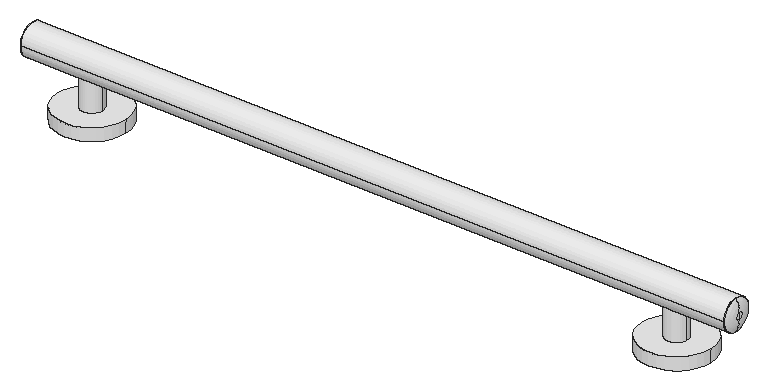
Revit family "Grab-Bar_Contemporary_Soiree_YG96024_TOTO", category Furniture, host Face, Revit 2013
Parameters (values of type "YG97024")
  ecoScorecard_data = " "
  ecoScorecard Product Page = "  "
  Width = 2' - 5.12598"  # constant formula
  Warranty URL = "http://www.totousa.com/warranty-registration"
  Warranty = "Lifetime Limited Warranty (Residential Use), One Year Limited (Commercial Use)"  # constant formula
  URL = "http://www.totousa.com"
  Toto Version = "V.02"  # constant formula
  Toto BIM Number = "BM-00140"  # constant formula
  Subcategory = "Accessories"  # constant formula
  Style = "Contemporary"  # constant formula
  Spec Sheet URL = "http://assets.totousa.com/product-files/SS-00004_YG96024_YG96042_YG97024_YG97042.pdf"
  Shipping Weight = 4.70 lbf
  Series = "Soiree"  # constant formula
  Product Page URL = " "
  Owners Manual URL = "  "
  Model = "YG96024"  # constant formula
  Manufacturer Toll Free Phone = "1-888-295-8134"  # constant formula
  Manufacturer Phone = "(770) 282-8686 "  # constant formula
  Manufacturer Fax = "(770) 282-0002"  # constant formula
  Manufacturer Email = "mailto:custservice@totousa.com "
  Manufacturer Address = "1155 Southern Road, Morrow, Georgia 30260"  # constant formula
  Manufacturer = "TOTO USA, Inc."  # constant formula
  Height = 0' - 2.81102"  # constant formula
  Finish = Metal - TOTO - Chrome - Polished
  Description = "Grab Bar"  # constant formula
  Depth = 0' - 2 3/4"  # constant formula
  Default Elevation = 3' - 0"
  Cost Info = "mailto:custservice@totousa.com "
  Color Availability = "#CP  Polished Chrome"  # constant formula
  CAD Drawing URL = "http://assets.totousa.com/product-files/AD-00096_YG96024.dxf"
  Assembly Code = "C1030200"
  ADA Compliant = yes
  95 CSI = "10800"  # constant formula
  04 CSI = "10 28 00"  # constant formula
Reference planes (in)
  plane 1 "Center (Front/Back)": y = 0
  plane 2: z = 0
  plane 3 "Center (Left/Right)": x = 0
  plane 4: x = -14.56299
  plane 5: x = 14.56299
  plane 6: y = 0.43622
  plane 7: y = -0.43622
  plane 8: z = 0.5
  plane 9: x = -14.44173
  plane 10: x = 14.44173
  plane 11: x = -12
  plane 12: x = 12
  plane 13: x = 12.43622
  plane 14: x = 11.56378
  plane 15: x = -11.56378
  plane 16: x = -12.43622
  plane 17: x = -13.40551
  plane 18: x = -10.59449
  plane 19: y = 1.40551
  plane 20: y = -1.40551
  plane 21: x = 10.59449
  plane 22: x = 13.40551
  plane 23: z = 1.5
  plane 24: z = 2.75
  plane 25: z = 2.12598
Forms (in)
  Extrusion 1, solid, material "Metal - TOTO - Chrome - Polished" <- "Finish"
    sketch origin (-0.0008, 0, 0) x (1, 0, 0) y (0, 1, 0)
      loop
        circle (-11.9992, 0) r 1.40551
      loop
        circle (12.0008, 0) r 1.40551
    from 0 to 0.5
  Extrusion 2, solid, material "Metal - TOTO - Chrome - Polished" <- "Finish"
    sketch origin (0, 0, 0) x (1, 0, 0) y (0, 1, 0)
      loop
        circle (-12, 0) r 0.43622
      loop
        circle (12, 0) r 0.43622
    from 0.5 to 2.12598
  Extrusion 3, solid, material "Metal - TOTO - Chrome - Polished" <- "Finish"
    sketch origin (-11.13127, -0.32755, 0) x (0, 1, 0) y (0, 0, 1)
      loop
        circle (0.32755, 2.12598) r 0.62598
    from -3.31046 to 25.57301
  Revolve 4, solid, material "Metal - TOTO - Chrome - Polished" <- "Finish"
    sketch origin (0, 0, 92.27586) x (0, 0, 1) y (1, 0, 0)
      loop
        line (-90.14987, -14.56299) -> (-90.14987, -14.44173) -> (-90.77586, -14.44173)
        arc (-90.77586, -14.44173) -> (-90.53284, -14.53224) -> (-90.27534, -14.56299) r 1.09362
        line (-90.27534, -14.56299) -> (-90.14987, -14.56299)
      loop
        line (-90.14987, 14.56299) -> (-90.27534, 14.56299)
        arc (-90.27534, 14.56299) -> (-90.53284, 14.53224) -> (-90.77586, 14.44173) r 1.09362
        line (-90.77586, 14.44173) -> (-90.14987, 14.44173) -> (-90.14987, 14.56299)
      axis (-90.14987, 14.56299) -> (-90.14987, -14.56299)
    angle from 0 to 360
Cuts and joins
  joined: Extrusion 2, Extrusion 3
Lines and regions (in)
  Masking region 1
    outline origin (0, -0.32813, 92.27586) x (0, 0, 1) y (1, 0, 0)
      loop
        line (-89.52586, -14.44173) -> (-89.52586, 14.44173)
        arc (-89.52586, 14.44173) -> (-89.75991, 14.53221) -> (-90.00895, 14.56299) r 1.02295
        line (-90.00895, 14.56299) -> (-90.14987, 14.56299) -> (-90.29079, 14.56299)
        arc (-90.29079, 14.56299) -> (-90.54079, 14.53222) -> (-90.77586, 14.44173) r 1.03081
        line (-90.77586, 14.44173) -> (-90.77586, 12.43622) -> (-91.77586, 12.43622) -> (-91.77586, 13.40551) -> (-92.27586, 13.40551) -> (-92.27586, 10.59449) -> (-91.77586, 10.59449) -> (-91.77586, 11.56378) -> (-90.77586, 11.56378) -> (-90.77586, -11.56378) -> (-91.77586, -11.56378) -> (-91.77586, -10.59449) -> (-92.27586, -10.59449) -> (-92.27586, -13.40551) -> (-91.77586, -13.40551) -> (-91.77586, -12.43622) -> (-90.77586, -12.43622) -> (-90.77586, -14.44173)
        arc (-90.77586, -14.44173) -> (-90.54079, -14.53222) -> (-90.29079, -14.56299) r 1.03081
        line (-90.29079, -14.56299) -> (-90.14987, -14.56299) -> (-90.00895, -14.56299)
        arc (-90.00895, -14.56299) -> (-89.75991, -14.53221) -> (-89.52586, -14.44173) r 1.02295
  symbolic lines, detail levels medium+fine
    curve 1: line (-14.44173, -0.32813, 2.75) -> (-14.44173, -0.32813, 1.5)
    curve 2: line (14.44173, -0.32813, 2.75) -> (14.44173, -0.32813, 1.5)
  symbolic lines, detail levels fine
    curve 3: line (11.56378, -0.32813, 0.5) -> (12.43622, -0.32813, 0.5)
    curve 5: line (-12.43622, -0.32813, 0.5) -> (-11.56378, -0.32813, 0.5)
  symbolic lines
    curve 4: arc (11.56378, -0.32813, 1.49606) -> (12, -0.32813, 1.66391) -> (12.43622, -0.32813, 1.49606) r 0.65078
    curve 6: arc (-12.43622, -0.32813, 1.49606) -> (-12, -0.32813, 1.66551) -> (-11.56378, -0.32813, 1.49606) r 0.64622
Dimensions and locks (in)
  "Width": plane 5 to plane 4
  equal spacing: plane 5, plane 3 "Center (Left/Right)", plane 4
  locked: plane 6 to plane 7 at 0.87244
  equal spacing: plane 6, plane 1 "Center (Front/Back)", plane 7
  plane 4 to plane 5 = 2' - 5.12598"
  locked: plane 1 "Center (Front/Back)" to Extrusion 3 sketch curve at 0
  locked: Revolve 4 sketch curve to plane 4 at 0
  locked: Revolve 4 sketch curve to Revolve 4 sketch curve at 0.12546  (x2)
  locked: plane 10 to Revolve 4 sketch curve at 0.18005
  locked: Revolve 4 sketch curve to Revolve 4 sketch curve at 0.2853
  equal spacing: plane 10, plane 3 "Center (Left/Right)", plane 9  (x2)
  locked: plane 11 to plane 12 at 24
  equal spacing: plane 11, plane 3 "Center (Left/Right)", plane 12
  locked: plane 11 to Extrusion 1 sketch curve at 0
  locked: plane 1 "Center (Front/Back)" to Extrusion 1 sketch curve at 0  (x2)
  locked: plane 11 to Extrusion 2 sketch curve at 0
  locked: plane 1 "Center (Front/Back)" to Extrusion 2 sketch curve at 0  (x2)
  locked: plane 12 to Extrusion 2 sketch curve at 0
  locked: plane 12 to Extrusion 1 sketch curve at 0
  "Height": plane 19 to plane 20
  equal spacing: plane 19, plane 1 "Center (Front/Back)", plane 20
  locked: plane 10 to plane 9 at 28.88346
  "Height": plane 17 to plane 18
  equal spacing: plane 17, plane 11, plane 18
  locked: plane 16 to plane 15 at 0.87244
  equal spacing: plane 16, plane 11, plane 15
  equal spacing: plane 21, plane 12, plane 22
  "Height": plane 21 to plane 22
  locked: plane 14 to plane 13 at 0.87244
  equal spacing: plane 14, plane 12, plane 13
  locked: Revolve 4 sketch curve to Revolve 4 sketch curve at 0
  "Depth": plane 24 to plane 2
  locked: Extrusion 3 sketch curve to plane 25 at 0
  locked: plane 25 to plane 2 at 2.12598
  locked: plane 23 to plane 2 at 1.5
  locked: plane 8 to plane 2 at 0.5
  locked: curve 4 to plane 12 at 0
  locked: plane 11 to curve 6 at 0
  locked: plane 15 to curve 6 at 0
  locked: plane 16 to curve 6 at 0
  locked: curve 1 to plane 23 at 0
  locked: curve 2 to plane 23 at 0
  locked: curve 1 to plane 24 at 0
  locked: curve 2 to plane 24 at 0
  locked: curve 4 to plane 23 at 0.48687
  locked: curve 6 to plane 23 at 0.48071
  locked: curve 6 to plane 23 at 0.00394
  locked: curve 4 to plane 23 at 0.00394
  locked: Masking region 1 sketch curve to level at 0  (x2)
  locked: Masking region 1 sketch curve to plane 8 at 0  (x4)
  locked: plane 14 to Masking region 1 sketch curve at 0
  locked: Masking region 1 sketch curve to plane 23 at 0  (x3)
  locked: plane 16 to Masking region 1 sketch curve at 0
  locked: plane 13 to Masking region 1 sketch curve at 0
  locked: Masking region 1 sketch curve to plane 4 at 0
  locked: plane 5 to Masking region 1 sketch curve at 0
  locked: Masking region 1 sketch curve to plane 25 at 0  (x2)
  locked: plane 10 to Masking region 1 sketch curve at 0  (x2)
  locked: Masking region 1 sketch curve to plane 24 at 0
  locked: Masking region 1 sketch curve to plane 9 at 0  (x2)
  locked: plane 17 to Masking region 1 sketch curve at 0
  locked: plane 15 to Masking region 1 sketch curve at 0
  locked: Masking region 1 sketch curve to plane 18 at 0
  locked: plane 21 to Masking region 1 sketch curve at 0
  locked: plane 22 to Masking region 1 sketch curve at 0
  locked: Masking region 1 sketch curve to plane 22 at 0.12667
  locked: Masking region 1 sketch curve to Masking region 1 sketch curve at 0.14092  (x2)
  locked: plane 25 to Masking region 1 sketch curve at 0.14092
  aligned and locked: plane 2 to host face
  aligned and locked: level to host face
  aligned and locked: Extrusion 1 to plane 2
  aligned and locked: plane 8 to Extrusion 1
  aligned and locked: cut or joined group of Extrusion 2, Extrusion 3 to plane 8
  aligned and locked: cut or joined group of Extrusion 2, Extrusion 3 to plane 9
  aligned and locked: cut or joined group of Extrusion 2, Extrusion 3 to plane 10
  aligned and locked: plane 1 "Center (Front/Back)" to Revolve 4
  aligned and locked: Extrusion 1 to plane 8
  aligned and locked: plane 21 to Extrusion 1
  aligned and locked: plane 14 to cut or joined group of Extrusion 2, Extrusion 3
  aligned and locked: plane 13 to cut or joined group of Extrusion 2, Extrusion 3
  aligned and locked: plane 22 to Extrusion 1
  aligned and locked: curve 2 to cut or joined group of Extrusion 2, Extrusion 3
  aligned and locked: cut or joined group of Extrusion 2, Extrusion 3 to curve 1
  aligned and locked: curve 3 to plane 8
  aligned and locked: plane 14 to curve 3
  aligned and locked: plane 13 to curve 3
  aligned and locked: plane 14 to curve 4
  aligned and locked: plane 13 to curve 4
  aligned and locked: curve 5 to plane 8
  aligned and locked: plane 16 to curve 5
  aligned and locked: plane 15 to curve 5
  aligned and locked: Revolve 4 sketch curve to plane 9
  aligned and locked: Revolve 4 sketch curve to plane 25
  aligned and locked: plane 23 to Revolve 4 sketch curve  (x2)
  aligned and locked: plane 5 to Revolve 4 sketch curve
  aligned and locked: plane 25 to Revolve 4 sketch curve
  aligned and locked: plane 10 to Revolve 4 sketch curve
Automatic sketch dimensions
  host sketch curve to host sketch curve = 2' - 8.53532"
  host sketch curve to host sketch curve = 0' - 6.74036"
  radius of Extrusion 2 sketch curve = 0' - 0.43622"  (x2)
  radius of Extrusion 1 sketch curve = 0' - 1.40551"  (x2)
  radius of Extrusion 3 sketch curve = 0' - 0.62598"
